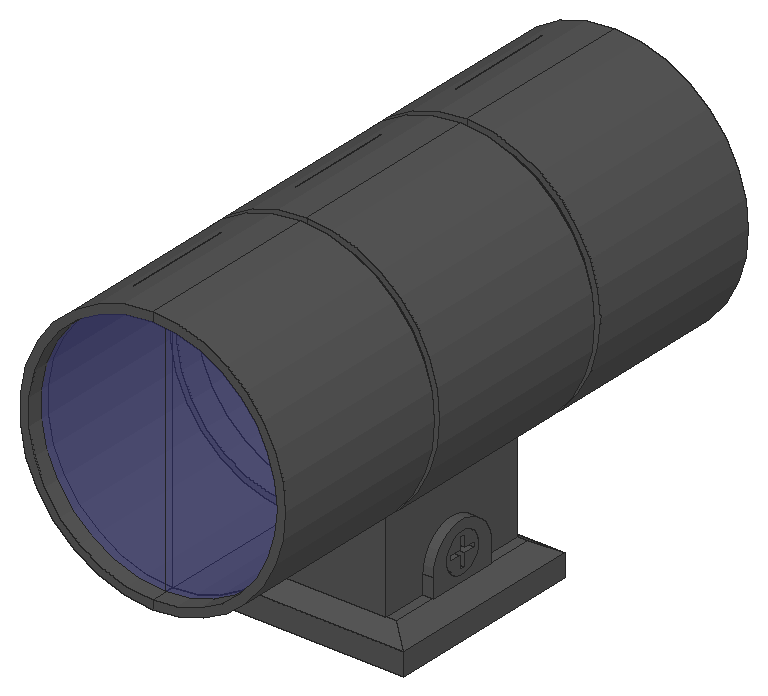
Revit family "CARLO CYLINDER LIGHT WALL MOUNT", category Lighting Fixtures, host Face, Revit 2020 (continued)
Parameters (values of type "CCL6-13-35SPSW8-PC-25-WM-BK")
    \n 0.26339 0.26771 0.27243 0.25904 0.25336 0.28812 0.32397 0.35258 0.38031 0.41165 \r\n 0.44389 0.47537 0.50747 0.54147 0.57599 0.60971 0.64379 0.67949 0.71525 0.74983 \r\n 0.7836 0.81543 0.8486 0.88839 0.92773 0.95859 0.98911 1.0269 1.0689 1.1147 \r\n 1.1635 1.2149 1.2676 1.3194 1.3726 1.429 1.489 1.5536 1.6224 1.6942 \r\n 1.7721 1.8596 1.9542 2.0529 2.1601 2.2779 2.4093 2.5566 2.7242 2.9147 \r\n 3.1351 3.3957 3.6894 4.004 4.3642 4.7957 5.2826 5.8109 6.4007 7.0795 \r\n 7.8108 8.5643 9.3492 10.154 11.01 11.969 12.96 13.906 14.872 15.902 \r\n 16.977 18.067 19.243 20.598 22.044 23.379 25.034 27.472 30.389 33.688 \r\n 37.223 40.388 44.475 49.223 58.685 79.132 103.64 126.18 150.36 178.65 \r\n 208.5 238.06 267.64 296.99 325.96 354.92 382.04 405.71 425.63 440.91 \r\n 451.75 456.95 459.91 464.18 468.2 471.49 474.38 476.88 479.4 482.5 \r\n 485.72 488.7 491.73 495.09 498.44 501.42 504.39 507.63 510.9 513.93 \r\n 517.09 520.64 524.52 528.78 533.41 538.28 543.76 550.11 557.5 566.03 \r\n 576.14 588.18 602.54 619.67 639.87 663.29 690.88 723.03 761.64 807.88 \r\n 864.3 936.92 1016.5 1090.3 1174.3 1282.8 1408 1546 1699 1869.2 \r\n 2052.7 2247.6 2449.4 2651.5 2857.5 3071.1 3285.6 3494.9 3700 3900.9 \r\n 4093.5 4273.3 4441 4594.7 4736.8 4870.4 4992.2 5100.1 5192.7 5265.2 \r\n 5326.1 5384.4 5433.4 5469 5492.2 5501.7 5500.9 5494.2 5477.4 5447.7 \r\n 5509.6 \r\n5444.5 5504.2 5517.5 5523.9 5521 5506.6 5480.2 5441.9 5388.4 5316.1 \r\n 5226.5 5118.2 4995.2 4861.7 4715.8 4556 4383.9 4200.1 4006.5 3805 \r\n 3596.9 3382.5 3167 2956.4 2748.7 2543.4 2341.3 2139.8 1949 1779.8 \r\n 1626.8 1488 1363.7 1256 1159 1065 981.09 913.4 856.32 806.29 \r\n 763.35 726.5 695.23 668.98 646.87 627.92 611.9 598.41 586.94 576.8 \r\n 568.12 560.98 554.91 549.45 544.65 540.48 536.67 532.93 529.32 525.81 \r\n 522.37 518.91 515.57 512.53 509.46 505.94 502.36 499.03 495.83 492.68 \r\n 489.74 487.25 484.89 482.38 479.81 477.4 474.46 470.08 465.1 461.24 \r\n 455.07 443.14 427.19 407.74 385.04 359.36 331.18 300.54 269.03 238.53 \r\n 208.28 177.55 148.25 122.5 98.947 75.595 56.487 46.696 41.126 36.18 \r\n 32.437 29.202 26.701 25.108 23.892 22.504 21.165 19.932 18.755 17.598 \r\n 16.486 15.449 14.432 13.362 12.319 11.38 10.481 9.5622 8.686 7.9057 \r\n 7.1847 6.4905 5.866 5.3613 4.9234 4.508 4.1383 3.8291 3.5616 3.3216 \r\n 3.1094 2.9231 2.7555 2.5969 2.4532 2.3285 2.2185 2.1218 2.0341 1.9505 \r\n 1.8711 1.7932 1.7193 1.6522 1.5888 1.5263 1.4673 1.4145 1.3649 1.316 \r\n 1.2699 1.2302 1.191 1.1448 1.0996 1.0635 1.0282 0.98761 0.9468 0.90951 \r\n 0.87336 0.83694 0.80105 0.76642 0.73186 0.69535 0.66009 0.62958 0.60086 0.57105 \r\n 0.54345 0.52465 0.50196 0.46122 0.41344 0.3657 0.31605 0.28361 0.26214 0.25374 \r\n 0.25251 0.25473 0.25585 0.2426 0.23741 0.27066 0.30524 0.33413 0.36233 0.39325 \r\n 0.42485 0.4557 0.48741 0.52188 0.55692 0.5905 0.62414 0.65898 0.69406 0.72881 \r\n 0.76317 0.79613 0.83006 0.86863 0.90692 0.93919 0.97146 1.0091 1.0499 1.0935 \r\n 1.1401 1.1906 1.2431 1.2953 1.3493 1.4058 1.4662 1.5323 1.6029 1.6759 \r\n 1.755 1.844 1.9401 2.0402 2.1484 2.2662 2.3977 2.5463 2.7152 2.9069 \r\n 3.127 3.3836 3.6716 3.9793 4.3341 4.7661 5.2554 5.7859 6.3751 7.0441 \r\n 7.7649 8.5167 9.2994 10.092 10.937 11.892 12.882 13.828 14.794 15.819 \r\n 16.895 18.011 19.211 20.552 21.99 23.36 25.078 27.632 30.642 33.897 \r\n 37.374 40.718 44.721 48.566 56.73 75.46 98.624 121.34 146.11 174.56 \r\n 204.4 233.7 262.96 292.07 320.88 349.76 376.97 401.03 421.57 437.82 \r\n 449.56 455.01 457.98 462.08 465.98 469.54 472.76 475.43 478.07 481.24 \r\n 484.54 487.69 490.9 494.38 497.84 500.94 503.98 507.19 510.39 513.38 \r\n 516.5 520.1 524.03 528.25 532.85 537.8 543.38 549.79 557.28 566.01 \r\n 576.39 588.73 603.42 620.83 641.35 665.17 693.25 726 765.3 812.71 \r\n 869.65 940.03 1018 1094.7 1182.9 1294.9 1423.2 1563.2 1717.8 1889.9 \r\n 2075.1 2272.1 2475.2 2677.4 2882.3 3092.5 3303.6 3512.5 3717.6 3917.2 \r\n 4108.2 4286.9 4453.5 4606.3 4747.3 4878.7 4997.8 5103.4 5194.1 5265.1 \r\n 5324.8 5382.1 5430.3 5465.6 5488.7 5497.9 5497 5490.8 5474.6 5444.7 \r\n 5509.6 \r\n5444.5 5499.5 5509.4 5511.9 5504.8 5487.2 5456.9 5412.5 5351.9 5272.4 \r\n 5175.7 5062.1 4934.2 4795.7 4644 4477 4298.2 4110.6 3914.3 3709.9 \r\n 3499.5 3284.2 3068.2 2856 2647.7 2444.4 2247 2054.3 1873.2 1711.8 \r\n 1565.5 1431.9 1313.4 1214.4 1125.4 1034.8 952.95 888.75 835.3 788.7 \r\n 748.84 714.42 685.15 660.55 639.86 622.29 607.47 594.9 584.23 574.95 \r\n 566.95 560.01 553.99 548.69 544.01 539.86 536.01 532.2 528.46 524.71 \r\n 521.05 517.6 514.32 511.31 508.31 505.03 501.7 498.47 495.31 492.22 \r\n 489.3 486.72 484.26 481.84 479.28 476.45 473.15 469.1 464.4 460.12 \r\n 453.05 439.6 421.97 401.06 377.16 350.77 322.12 291.04 259.27 228.7 \r\n 198.59 168.09 139.46 115.51 93.738 70.835 52.028 43.46 39.072 34.423 \r\n 30.792 28.041 25.984 24.484 23.253 21.909 20.609 19.39 18.229 17.119 \r\n 16.049 15.01 13.984 12.933 11.912 10.983 10.097 9.2071 8.3627 7.6041 \r\n 6.908 6.2552 5.6729 5.1957 4.7814 4.395 4.0492 3.7469 3.4823 3.2525 \r\n 3.0516 2.8745 2.716 2.568 2.4343 2.3173 2.2127 2.1177 2.0308 1.9506 \r\n 1.8743 1.7967 1.7233 1.6595 1.5996 1.5385 1.48 1.4264 1.3758 1.3266 \r\n 1.2795 1.2358 1.1926 1.1453 1.0999 1.064 1.0286 0.98785 0.94705 0.91075 \r\n 0.87561 0.83916 0.80325 0.76971 0.73606 0.69819 0.66279 0.63836 0.6154 0.58354 \r\n 0.55379 0.54184 0.52324 0.46923 0.40848 0.36667 0.32429 0.27514 0.23691 0.23319 \r\n 0.24015 0.24044 0.23821 0.22561 0.22138 0.25312 0.28638 0.31571 0.34456 0.37511 \r\n 0.40609 0.43636 0.46776 0.50274 0.53832 0.57165 0.60469 0.63852 0.67282 0.7078 \r\n 0.74288 0.77711 0.81184 0.84892 0.88592 0.91995 0.95434 0.99206 1.0315 1.0726 \r\n 1.1167 1.1657 1.2175 1.27 1.3246 1.3814 1.4423 1.51 1.5823 1.6565 \r\n 1.7366 1.8269 1.9241 2.0254 2.1345 2.2521 2.3832 2.5326 2.7022 2.8943 \r\n 3.1131 3.3645 3.6453 3.9447 4.2923 4.7222 5.211 5.7423 6.3297 6.9879 \r\n 7.697 8.4447 9.2236 10.007 10.84 11.788 12.773 13.72 14.687 15.708 \r\n 16.786 17.925 19.147 20.472 21.901 23.308 25.09 27.754 30.842 34.027 \r\n 37.421 40.902 44.857 48.143 55.238 71.851 93.142 115.78 140.94 169.36 \r\n 199.05 228.11 257.11 286.01 314.69 343.54 370.93 395.49 416.8 434.2 \r\n 447.02 453.03 456.25 460.32 464.15 467.98 471.54 474.43 477.22 480.46 \r\n 483.82 487.14 490.52 494.13 497.68 500.9 504 507.16 510.28 513.22 \r\n 516.31 519.94 523.89 528.04 532.56 537.54 543.18 549.6 557.12 566.01 \r\n 576.59 589.18 604.12 621.71 642.42 666.5 694.92 728.09 767.88 816.12 \r\n 873.35 941.59 1018.2 1098.2 1190.5 1304.4 1433.9 1575.1 1730.7 1904 \r\n 2090.5 2288.8 2492.8 2695 2898.6 3105.2 3312.8 3521.6 3727.1 3925.6 \r\n 4115.5 4293.7 4460.1 4612.9 4753.6 4883.4 5000.8 5105.1 5194.7 5265.1 \r\n 5324.3 5380.6 5428.1 5463.5 5487 5496.4 5495.9 5490.5 5474.9 5445 \r\n 5509.6 \r\n5444.5 5494.6 5501 5499.3 5488 5466.7 5432.3 5381.3 5313.5 5226.6 \r\n 5123.1 5004.4 4871.8 4727.9 4570.5 4396.3 4210.9 4019.5 3820.6 3613.5 \r\n 3401.1 3185.3 2969 2755 2545.9 2345 2152.7 1969.2 1798.2 1644.4 \r\n 1504.9 1376.5 1263.4 1172.7 1091.4 1004.9 926 865.4 815.37 771.74 \r\n 734.51 702.4 675.13 652.16 632.88 616.66 603.03 591.37 581.47 573.03 \r\n 565.69 558.95 552.97 547.85 543.31 539.18 535.3 531.42 527.57 523.58 \r\n 519.72 516.28 513.07 510.08 507.15 504.13 501.06 497.95 494.85 491.83 \r\n 488.95 486.3 483.78 481.43 478.86 475.61 471.95 468.26 463.78 458.84 \r\n 450.62 435.53 416.12 393.63 368.4 341.18 311.99 280.51 248.5 217.83 \r\n 187.84 157.61 129.75 107.75 87.993 65.993 47.847 40.358 36.917 32.596 \r\n 29.157 26.905 25.287 23.86 22.597 21.293 20.032 18.826 17.679 16.617 \r\n 15.59 14.548 13.514 12.482 11.486 10.569 9.697 8.8383 8.0278 7.2942 \r\n 6.6255 6.0153 5.4752 5.0252 4.6342 4.2772 3.9559 3.6613 3.4002 3.1804 \r\n 2.9903 2.8221 2.6726 2.5354 2.4119 2.3025 2.2033 2.11 2.0239 1.947 \r\n 1.8737 1.7968 1.7239 1.6632 1.6065 1.547 1.4888 1.4344 1.3826 1.3335 \r\n 1.2859 1.2384 1.1915 1.1436 1.0985 1.0626 1.0269 0.98623 0.94576 0.9104 \r\n 0.87615 0.83974 0.80385 0.77121 0.73841 0.69988 0.66494 0.64608 0.62825 0.59473 \r\n 0.56294 0.55608 0.54 0.47353 0.40082 0.36402 0.32812 0.26415 0.21109 0.21139 \r\n 0.22559 0.22439 0.21968 0.20863 0.20609 0.23636 0.26827 0.29804 0.32756 0.35779 \r\n 0.38821 0.41797 0.44908 0.48452 0.52053 0.55353 0.58588 0.6186 0.65204 0.68729 \r\n 0.72312 0.75854 0.79396 0.82941 0.86505 0.90091 0.93748 0.97548 1.0142 1.0527 \r\n 1.094 1.1413 1.1921 1.2447 1.2999 1.3572 1.4187 1.4878 1.5614 1.6364 \r\n 1.7172 1.808 1.9058 2.008 2.1176 2.2345 2.3647 2.514 2.6833 2.8745 \r\n 3.0906 3.3353 3.6079 3.898 4.2372 4.6614 5.146 5.6753 6.2588 6.9045 \r\n 7.6003 8.3404 9.1125 9.8859 10.71 11.647 12.624 13.569 14.537 15.554 \r\n 16.63 17.789 19.026 20.332 21.748 23.187 25.024 27.779 30.922 34.012 \r\n 37.3 40.862 44.78 47.781 54.004 68.231 87.256 109.55 134.87 162.95 \r\n 192.28 221.09 249.89 278.62 307.23 336.15 363.83 389.03 411.25 429.93 \r\n 444.02 450.93 454.74 458.91 462.73 466.83 470.7 473.82 476.78 480.06 \r\n 483.46 486.93 490.47 494.16 497.78 501.08 504.24 507.33 510.37 513.26 \r\n 516.34 519.98 523.92 527.96 532.38 537.37 543.03 549.4 556.89 565.87 \r\n 576.59 589.34 604.43 622.07 642.82 667.01 695.56 728.93 768.95 817.59 \r\n 874.81 941.31 1016.9 1100.1 1195.9 1310.1 1439 1580.3 1736.3 1910.1 \r\n 2097.1 2295.9 2500.2 2702 2904.4 3107.6 3312.1 3520.8 3726.9 3924.7 \r\n 4113.8 4292.2 4459 4612.5 4753.6 4882.7 4999.2 5103.3 5193 5263.7 \r\n 5323 5378.6 5425.5 5461.4 5485.7 5496 5496.4 5492.1 5477.3 5447.7 \r\n 5509.6 \r\n5444.5 5489.3 5492.1 5486.2 5470.5 5445.4 5406.4 5348.9 5274 5180.3 \r\n 5070.4 4946.8 4809.6 4660.4 4497.3 4316.5 4125.2 3930 3728.3 3518.9 \r\n 3305.1 3089.2 2872.9 2657.4 2447.7 2249.5 2062.4 1887.8 1726.4 1580.1 \r\n 1447 1323.7 1215.7 1132.1 1057.7 975.78 900.62 843.64 796.77 755.71 \r\n 720.72 690.79 665.44 644.03 626.1 611.17 598.65 587.83 578.64 570.95 \r\n 564.21 557.67 551.77 546.82 542.42 538.33 534.42 530.48 526.53 522.36 \r\n 518.35 514.93 511.79 508.78 505.9 503.11 500.31 497.32 494.3 491.38 \r\n 488.56 485.9 483.34 481.05 478.46 474.85 470.88 467.53 463.19 457.34 \r\n 447.72 430.94 409.77 385.67 359.07 330.97 301.2 269.37 237.19 206.42 \r\n 176.53 146.61 119.54 99.412 81.698 61.096 44.062 37.509 34.768 30.805 \r\n 27.628 25.846 24.623 23.252 21.946 20.681 19.46 18.267 17.134 16.115 \r\n 15.126 14.083 13.043 12.031 11.059 10.156 9.3011 8.473 7.6965 6.9906 \r\n 6.3514 5.782 5.2817 4.8575 4.4887 4.1595 3.8616 3.5758 3.3196 3.1093 \r\n 2.9291 2.769 2.6275 2.5004 2.3864 2.2839 2.1896 2.098 2.013 1.9389 \r\n 1.8684 1.7923 1.7202 1.6621 1.6079 1.5496 1.4918 1.4364 1.3835 1.3348 \r\n 1.2872 1.2368 1.187 1.1392 1.0948 1.0585 1.0224 0.98213 0.94235 0.90772 \r\n 0.87409 0.8378 0.80201 0.76989 0.73781 0.69966 0.66595 0.65139 0.63735 0.60303 \r\n 0.56972 0.5651 0.5491 0.47258 0.39049 0.35666 0.32524 0.25479 0.18586 0.18873 \r\n 0.20806 0.20612 0.2004 0.1922 0.19239 0.22127 0.25178 0.28184 0.31189 0.34186 \r\n 0.37183 0.40113 0.43194 0.46767 0.50392 0.53652 0.56813 0.5997 0.63225 0.66777 \r\n 0.70429 0.7406 0.77642 0.81026 0.84459 0.88211 0.92064 0.9587 0.99678 1.0344 \r\n 1.0729 1.1188 1.1686 1.2211 1.2767 1.3345 1.3967 1.4665 1.5407 1.616 \r\n 1.6968 1.7873 1.8848 1.9874 2.0969 2.2125 2.341 2.4892 2.6568 2.8452 \r\n 3.0566 3.2934 3.5565 3.8373 4.1668 4.5813 5.0569 5.5802 6.1563 6.7878 \r\n 7.4681 8.1957 8.9567 9.7206 10.534 11.458 12.422 13.364 14.33 15.339 \r\n 16.411 17.58 18.824 20.108 21.506 22.963 24.833 27.648 30.813 33.789 \r\n 36.947 40.522 44.384 47.306 52.824 64.522 81.025 102.73 127.91 155.27 \r\n 183.92 212.44 241.11 269.72 298.34 327.47 355.59 381.55 404.81 424.89 \r\n 440.44 448.65 453.43 457.88 461.76 466.08 470.18 473.52 476.66 479.97 \r\n 483.37 486.93 490.57 494.29 497.94 501.3 504.49 507.51 510.46 513.34 \r\n 516.41 520.02 523.92 527.84 532.15 537.12 542.77 549.05 556.47 565.45 \r\n 576.21 589.01 604.11 621.67 642.3 666.4 694.87 728.17 768.08 816.56 \r\n 873.48 938.88 1014.1 1100 1198.2 1310.5 1436.9 1577.4 1733 1906.5 \r\n 2093.2 2291.5 2495.2 2696.4 2897.6 3098.1 3300.1 3508.8 3715.5 3912.8 \r\n 4101.5 4280.5 4448.4 4603.1 4745.2 4874.6 4991.4 5096.5 5187.3 5259.2 \r\n 5319.2 5374.5 5421.2 5458 5483.8 5495.6 5497.5 5494.4 5480.6 5451.8 \r\n 5509.6 \r\n5444.5 5481.6 5480.7 5471.9 5453.2 5424.2 5381.1 5319.3 5240 5142.3 \r\n 5028.5 4900.6 4759.1 4605.7 4438.7 4255 4060.8 3861.5 3656.5 3446.6 \r\n 3233.4 3018.6 2803.5 2587.3 2377.7 2182.8 2000.4 1830.7 1674.3 1532.2 \r\n 1402.9 1284.1 1180 1098.8 1027 950 879.79 825.97 781.57 742.73 \r\n 709.67 681.5 657.69 637.52 620.62 606.56 594.75 584.44 575.63 568.27 \r\n 561.78 555.42 549.65 544.84 540.55 536.5 532.58 528.57 524.55 520.44 \r\n 516.52 513.15 510.03 506.93 503.96 501.2 498.5 495.65 492.81 490.08 \r\n 487.49 485.16 482.9 480.69 478.12 474.55 470.75 468.15 464.13 456.89 \r\n 445.4 427.24 404.8 379.48 351.82 322.9 292.57 260.57 228.32 197.17 \r\n 167 137.21 110.48 90.491 73.554 55.724 41.456 35.634 33.033 29.511 \r\n 26.712 25.167 24.078 22.73 21.412 20.188 19.014 17.854 16.745 15.733 \r\n 14.748 13.718 12.691 11.685 10.721 9.838 9.0054 8.1965 7.4419 6.7673 \r\n 6.1601 5.6149 5.1352 4.7298 4.3777 4.0636 3.7792 3.5058 3.26 3.0574 \r\n 2.8829 2.7264 2.5878 2.4643 2.3535 2.253 2.1602 2.0708 1.9877 1.9148 \r\n 1.8452 1.7705 1.6994 1.6409 1.586 1.5278 1.47 1.413 1.359 1.3117 \r\n 1.2663 1.2176 1.1696 1.1248 1.0827 1.0451 1.0076 0.96927 0.93156 0.89637 \r\n 0.86182 0.82611 0.79082 0.75706 0.72451 0.69186 0.66324 0.6461 0.62924 0.60024 \r\n 0.57019 0.55477 0.52785 0.45476 0.37674 0.33417 0.29489 0.23058 0.17014 0.16692 \r\n 0.17951 0.18054 0.18123 0.18111 0.18782 0.21538 0.24409 0.27336 0.30304 0.33304 \r\n 0.36309 0.39212 0.42246 0.45749 0.49302 0.52525 0.55642 0.58689 0.61851 0.65427 \r\n 0.69103 0.72641 0.76109 0.79414 0.828 0.86692 0.90724 0.94636 0.98525 1.0227 \r\n 1.0626 1.1096 1.1603 1.212 1.2667 1.3255 1.3882 1.4558 1.5271 1.6004 \r\n 1.6788 1.7649 1.8583 1.9596 2.0678 2.1795 2.303 2.4465 2.6078 2.786 \r\n 2.9856 3.2105 3.4625 3.737 4.0573 4.4491 4.8994 5.4036 5.961 6.572 \r\n 7.229 7.926 8.6587 9.41 10.213 11.115 12.055 12.977 13.924 14.914 \r\n 15.966 17.111 18.329 19.582 20.94 22.335 24.137 26.907 29.996 32.801 \r\n 35.745 39.101 42.717 45.624 50.541 59.704 73.59 94.582 119.2 144.53 \r\n 171.26 199.33 228.12 256.86 285.9 315.89 345.13 372.26 396.86 418.55 \r\n 435.95 446.57 453.39 458.3 462.03 466.2 470.14 473.61 476.87 480.08 \r\n 483.31 486.75 490.25 493.79 497.28 500.56 503.7 506.66 509.56 512.48 \r\n 515.57 519.07 522.84 526.7 530.97 535.91 541.51 547.69 554.96 563.78 \r\n 574.31 586.81 601.56 618.71 638.87 662.42 690.24 722.74 761.66 808.32 \r\n 864.34 932.6 1010.7 1096.9 1192.5 1297.1 1415.4 1552.6 1706.4 1877.9 \r\n 2062.4 2257.4 2458 2657.6 2858.3 3059.7 3262.9 3471.7 3678 3874.5 \r\n 4062.9 4243.2 4412.9 4568.7 4712.4 4844.9 4965.5 5074.5 5168.9 5243 \r\n 5304.6 5360.5 5407.9 5446.9 5475.4 5490.4 5495.1 5493.2 5480.5 5453.7 \r\n 5509.6 \r\n5444.5 5473.1 5468.7 5456.9 5435.1 5402.1 5354.7 5288.7 5205.5 5104.2 \r\n 4986.9 4854.9 4709.2 4551.7 4381.2 4195.3 3998.9 3795.6 3587.3 3377.3 \r\n 3165.4 2952.1 2738.3 2522.1 2313.1 2121.9 1944.2 1778.8 1626.6 1488.4 \r\n 1362.9 1248.3 1147.8 1067.7 997.41 925.39 860.55 809.79 767.6 730.72 \r\n 699.35 672.8 650.4 631.37 615.4 602.11 590.89 581.02 572.53 565.4 \r\n 559.09 552.93 547.34 542.66 538.47 534.48 530.58 526.51 522.45 518.45 \r\n 514.67 511.37 508.25 505.04 501.95 499.19 496.55 493.82 491.15 488.62 \r\n 486.27 484.29 482.33 480.17 477.61 474.14 470.52 468.49 464.55 455.67 \r\n 442.15 422.63 399.02 372.58 343.95 314.22 283.34 251.26 219.05 187.66 \r\n 157.33 127.78 101.43 81.458 65.23 50.481 39.275 34.07 31.426 28.356 \r\n 25.967 24.593 23.568 22.232 20.906 19.72 18.591 17.466 16.381 15.369 \r\n 14.379 13.365 12.356 11.355 10.399 9.5366 8.7278 7.937 7.2031 6.5611 \r\n 5.9863 5.4624 4.9998 4.611 4.2738 3.9722 3.6994 3.4393 3.2054 3.0101 \r\n 2.8403 2.6867 2.55 2.4288 2.32 2.2205 2.1287 2.0413 1.9601 1.888 \r\n 1.819 1.7458 1.6759 1.6162 1.5599 1.5017 1.4438 1.3854 1.3304 1.2846 \r\n 1.2414 1.1953 1.1501 1.1087 1.0689 1.0296 0.99081 0.95446 0.91891 0.88295 \r\n 0.84725 0.81212 0.77737 0.7418 0.70873 0.68211 0.65881 0.63782 0.61682 0.59344 \r\n 0.56682 0.53834 0.49883 0.43181 0.3606 0.30777 0.25899 0.2029 0.15318 0.14358 \r\n 0.14877 0.15338 0.16142 0.17037 0.18441 0.21083 0.23778 0.26605 0.29512 0.32515 \r\n 0.35534 0.38411 0.41394 0.44808 0.4827 0.51451 0.54524 0.57467 0.60538 0.64132 \r\n 0.67815 0.71226 0.7
